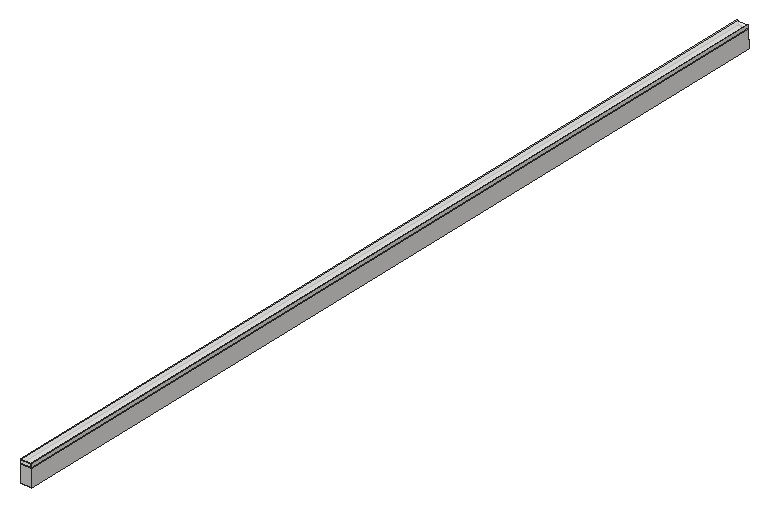
Revit family "Lighting - Luminii - Kurba Medium Horizontal - Array", category Lighting Fixtures, host Face, Revit 2020
Family settings
  Host = Face
  Round Connector Dimension = Use Diameter
  Part Type = Normal
  OmniClass Number = 23.80.70.11.14.21
  OmniClass Title = Spots and Tracklight Specialties
  Cut with Voids When Loaded = No
  Light Source = No
  Shared = Yes
  Room Calculation Point = No
Parameters (values of type "Kurba Medium Horizontal")
  Width = 0' - 0 15/32"  # constant formula
  Wattage Comments = "3.66 W/ft"
  Warranty URL = "https://www.luminii.com/terms-conditions/"
  Voltage Comments = "120-277VAC"
  Voltage = 120 V
  Version = "2020 - v1.0a"  # constant formula
  URL = "https://www.luminii.com/"
  Support Phone = "224-699-9545"  # constant formula
  Support Email = "mailto:support@bimsmith.com"
  Product Page URL = "https://www.luminii.com/product/kurba-medium-horizontal/"
  Product Name = "Kurba Medium Horizontal"  # constant formula
  Product Documentation Link = "https://www.luminii.com/wp-content/uploads/z_special_catalog_products/products/kurba-medium-horizontal/specsheets/KBM-F-H_spec.pdf"
  Power Source Type = "Driver"
  Power Factor = 1
  Phase = 1
  Operating Temperature = "-4°F-113°F"  # constant formula
  Number of Poles = if(and(or(Voltage = 120 V, Voltage = 277 V), Phase = 1), 1, if(and(or(Voltage = 208 V, Voltage = 240 V), Phase = 1), 2, if(and(or(Voltage = 208 V, Voltage = 240 V), Phase = 3), 3, if(and(Voltage > 300 V, Phase = 1), 2, if(and(Voltage > 400 V, Phase = 3), 3, 1)))))  # 1
  Number of LEDs [instance] = Length / LED Spacing  # 36
  Mounting Method = "Surface Mount"  # constant formula
  Model = "KBM-F-H"
  Manufacturer Phone Number = "224-333-6033"  # constant formula
  Manufacturer Email = "mailto:info@luminii.com"
  Manufacturer Address = "7777 N Merrimac Ave, Niles, IL 60714"  # constant formula
  Manufacturer = "Luminii"  # constant formula
  Lumen Output = "148 lm/ft"
  Load Classification = Lighting
  Lens Material = Plastic - Luminii - Frosted Lens
  Length Comments [instance] = "Perfomance based on 1\" Photometric Web File"  # constant formula
  Length [instance] = if(Desired Length < 1' 0", 1' 0", if(Desired Length > 26' 0", 26' 0", Desired Length))  # 3' - 0"
  Lamp Life = 1
  Lamp = "LED"
  LED Spacing [instance] = 0' - 1"  # constant formula
  Keynote = "26 50 00"
  Instruction Sheet Link = "https://www.luminii.com/wp-content/uploads/z_special_catalog_products/products/kurba-medium-horizontal/install-guides/Kurba_Installation%20Instructions_0.6.pdf"
  Initial Color Comments = "Perfomance based on 3500K Photometric Web File"  # constant formula
  Housing Protection Rating = "IP20 Dry/IP66 Wet Series"  # constant formula
  Has Dimming = 0 = 1  # no
  Has Battery Backup = 0 = 1  # no
  Frequency Comments = ""
  Frequency = 60 Hz
  Finish = Metal - Luminii - Silver Anodized Aluminum
  Environment = "Wet"  # constant formula
  Desired Length [instance] = 3' - 0"
  Description = "Flexible LED Strip"  # constant formula
  Depth = 0' - 0 109/128"  # constant formula
  Default Elevation = 0' - 0"  # constant formula
  Current Amps = 0 A
  Copyright = "©2023 Luminii"  # constant formula
  CCT = "3000K"
  C Length Mid [instance] = Length / 2  # 1' - 6"
  Assembly Code = "D5020230"
  Apparent Load = 3.66 VA
Reference planes (in)
  plane 1 "Center (Front/Back)": y = 0
  plane 2: z = 0
  plane 3 "Center (Left/Right)": x = 0
  plane 4: x = -0.23437
  plane 5: x = 0.23438
  plane 6: y = 18
  plane 7: y = -18
  plane 8: z = 0.85156
Forms (in)
  Extrusion 1, solid, material "Metal - Luminii - Silver Anodized Aluminum", not visible
    sketch origin (0, 0, 0) x (1, 0, 0) y (0, 1, 0)
      loop
        circle (0, 0) r 0.5
    from 0 to -0.17225
  Extrusion 2, solid, material "Metal - Luminii - Silver Anodized Aluminum" <- "Finish"
    sketch origin (0, 0, 0) x (1, 0, 0) y (0, 0, 1)
      loop
        line (0.23438, 0) -> (0.23438, 0.66411)
        arc (0.23438, 0.66411) -> (0.22302, 0.68284) -> (0.23438, 0.70156) r 0.02112
        line (0.23438, 0.70156) -> (0.23438, 0.85156) -> (0.20282, 0.85156) -> (0.20282, 0.70156) -> (-0.20273, 0.70156) -> (-0.20273, 0.85156) -> (-0.23437, 0.85156) -> (-0.23437, 0.70156)
        arc (-0.23437, 0.70156) -> (-0.22302, 0.68284) -> (-0.23437, 0.66411) r 0.02112
        line (-0.23437, 0.66411) -> (-0.23437, 0) -> (0.23438, 0)
    from -18 to 18
  Extrusion 3, solid, material "Plastic - Luminii - Frosted Lens" <- "Lens Material"
    sketch origin (0, 0, 0) x (1, 0, 0) y (0, 0, 1)
      loop
        line (-0.20273, 0.85156) -> (-0.20273, 0.70156) -> (0.20282, 0.70156) -> (0.20282, 0.85156) -> (-0.20273, 0.85156)
    from -18 to 18
Dimensions and locks (in)
  equal spacing: plane 4, plane 3 "Center (Left/Right)", plane 5
  equal spacing: plane 6, plane 1 "Center (Front/Back)", plane 7
  plane 4 to plane 5 = 0' - 0 15/32"  (x2)
  "Width": plane 5 to plane 4
  locked: plane 5 to Extrusion 2 sketch curve at 0.03155
  locked: Extrusion 2 sketch curve to plane 4 at 0.03165
  Extrusion 2 sketch curve to Extrusion 2 sketch curve to Extrusion 2 sketch curve to Extrusion 2 sketch curve to Extrusion 2 sketch curve to Extrusion 2 sketch curve to Extrusion 2 sketch curve to plane 2 = 0' - 0" locked, 0' - 0.15" locked, 0' - 0" locked, 0' - 0" locked, 0' - 0.03745" locked, 0' - 0" locked, 0' - 0.66411" locked
  locked: Extrusion 3 sketch curve to plane 4 at 0.03165
  locked: plane 5 to Extrusion 3 sketch curve at 0.03155
  Extrusion 3 sketch curve to Extrusion 3 sketch curve to plane 2 = 0' - 0.15" locked, 0' - 0.70156" locked
  "Depth": plane 8 to plane 2
  plane 6 to plane 1 "Center (Front/Back)" to plane 7 = 1' - 6", 1' - 6"
  "C Length Mid": plane 1 "Center (Front/Back)" to plane 6
  "C Length Mid": plane 7 to plane 1 "Center (Front/Back)"
  equal spacing: group 1, group 3, group 4, group 5, group 6, group 7, group 8, group 9, group 10, group 11, group 12, group 13, group 14, group 15, group 16, group 17, group 18, group 19, group 20, group 21, group 22, group 23, group 24, group 25, group 26, group 27, group 28, group 29, group 30, group 31, group 32, group 33, group 34, group 35, group 36, group 2  (x3)
  aligned and locked: plane 2 to host face
  aligned and locked: level to host face
  aligned and locked: plane 5 to Extrusion 2 sketch curve
  aligned and locked: Extrusion 2 sketch curve to plane 4
  aligned and locked: Extrusion 2 to plane 5
  aligned and locked: Extrusion 2 to plane 4
  aligned and locked: plane 6 to Extrusion 3
  aligned and locked: Extrusion 3 to plane 7
  aligned and locked: plane 6 to Extrusion 2
  aligned and locked: Extrusion 2 to plane 7
  aligned and locked: plane 3 "Center (Left/Right)" to Extrusion 1 sketch curve
  aligned and locked: plane 1 "Center (Front/Back)" to Extrusion 1 sketch curve
  aligned and locked: level to Extrusion 2 sketch curve
  aligned and locked: plane 2 to Extrusion 1
  aligned and locked: nested 1 to plane 7
  aligned and locked: nested 1 to plane 3 "Center (Left/Right)"
  aligned and locked: nested 2 to plane 3 "Center (Left/Right)"
  aligned and locked: nested 2 to plane 6
Automatic sketch dimensions
  host sketch curve to host sketch curve = 8' - 0"  (x2)
  Extrusion 2 sketch curve to plane 4 = 0' - 0"
  Extrusion 2 sketch curve to plane 5 = 0' - 0"
  Extrusion 2 sketch curve to plane 4 = 0' - 0.00977"
  plane 5 to Extrusion 2 sketch curve = 0' - 0.00977"
  radius of Extrusion 1 sketch curve = 0' - 0 1/2"
Nested families (in)
  nested 1: "Lighting - Luminii - Kurba Medium Horizontal- Nested Light Source" at (0, -17.5, -0.01389) x (-1, 0, 0) z (0, 0, 1), type "Kurba Medium Horizontal"
    with Length Comments "Perfomance based on 1\" Photometric Web File", Length 0' - 1", C Length 0' - 1"
  nested 2: "Lighting - Luminii - Kurba Medium Horizontal- Nested Light Source" at (0, 17.5, -0.00817) x (-1, 0, 0) z (0, 0, 1), type "Kurba Medium Horizontal"
    with Length Comments "Perfomance based on 1\" Photometric Web File", Length 0' - 1", C Length 0' - 1"
  nested 3: "Lighting - Luminii - Kurba Medium Horizontal- Nested Light Source" at (0, -16.5, -0.01373) x (-1, 0, 0) z (0, 0, 1), type "Kurba Medium Horizontal"
    with Length Comments "Perfomance based on 1\" Photometric Web File", Length 0' - 1", C Length 0' - 1"
  nested 4: "Lighting - Luminii - Kurba Medium Horizontal- Nested Light Source" at (0, -15.5, -0.01357) x (-1, 0, 0) z (0, 0, 1), type "Kurba Medium Horizontal"
    with Length Comments "Perfomance based on 1\" Photometric Web File", Length 0' - 1", C Length 0' - 1"
  nested 5: "Lighting - Luminii - Kurba Medium Horizontal- Nested Light Source" at (0, -14.5, -0.0134) x (-1, 0, 0) z (0, 0, 1), type "Kurba Medium Horizontal"
    with Length Comments "Perfomance based on 1\" Photometric Web File", Length 0' - 1", C Length 0' - 1"
  nested 6: "Lighting - Luminii - Kurba Medium Horizontal- Nested Light Source" at (0, -13.5, -0.01324) x (-1, 0, 0) z (0, 0, 1), type "Kurba Medium Horizontal"
    with Length Comments "Perfomance based on 1\" Photometric Web File", Length 0' - 1", C Length 0' - 1"
  nested 7: "Lighting - Luminii - Kurba Medium Horizontal- Nested Light Source" at (0, -12.5, -0.01308) x (-1, 0, 0) z (0, 0, 1), type "Kurba Medium Horizontal"
    with Length Comments "Perfomance based on 1\" Photometric Web File", Length 0' - 1", C Length 0' - 1"
  nested 8: "Lighting - Luminii - Kurba Medium Horizontal- Nested Light Source" at (0, -11.5, -0.01291) x (-1, 0, 0) z (0, 0, 1), type "Kurba Medium Horizontal"
    with Length Comments "Perfomance based on 1\" Photometric Web File", Length 0' - 1", C Length 0' - 1"
  nested 9: "Lighting - Luminii - Kurba Medium Horizontal- Nested Light Source" at (0, -10.5, -0.01275) x (-1, 0, 0) z (0, 0, 1), type "Kurba Medium Horizontal"
    with Length Comments "Perfomance based on 1\" Photometric Web File", Length 0' - 1", C Length 0' - 1"
  nested 10: "Lighting - Luminii - Kurba Medium Horizontal- Nested Light Source" at (0, -9.5, -0.01258) x (-1, 0, 0) z (0, 0, 1), type "Kurba Medium Horizontal"
    with Length Comments "Perfomance based on 1\" Photometric Web File", Length 0' - 1", C Length 0' - 1"
  nested 11: "Lighting - Luminii - Kurba Medium Horizontal- Nested Light Source" at (0, -8.5, -0.01242) x (-1, 0, 0) z (0, 0, 1), type "Kurba Medium Horizontal"
    with Length Comments "Perfomance based on 1\" Photometric Web File", Length 0' - 1", C Length 0' - 1"
  nested 12: "Lighting - Luminii - Kurba Medium Horizontal- Nested Light Source" at (0, -7.5, -0.01226) x (-1, 0, 0) z (0, 0, 1), type "Kurba Medium Horizontal"
    with Length Comments "Perfomance based on 1\" Photometric Web File", Length 0' - 1", C Length 0' - 1"
  nested 13: "Lighting - Luminii - Kurba Medium Horizontal- Nested Light Source" at (0, -6.5, -0.01209) x (-1, 0, 0) z (0, 0, 1), type "Kurba Medium Horizontal"
    with Length Comments "Perfomance based on 1\" Photometric Web File", Length 0' - 1", C Length 0' - 1"
  nested 14: "Lighting - Luminii - Kurba Medium Horizontal- Nested Light Source" at (0, -5.5, -0.01193) x (-1, 0, 0) z (0, 0, 1), type "Kurba Medium Horizontal"
    with Length Comments "Perfomance based on 1\" Photometric Web File", Length 0' - 1", C Length 0' - 1"
  nested 15: "Lighting - Luminii - Kurba Medium Horizontal- Nested Light Source" at (0, -4.5, -0.01177) x (-1, 0, 0) z (0, 0, 1), type "Kurba Medium Horizontal"
    with Length Comments "Perfomance based on 1\" Photometric Web File", Length 0' - 1", C Length 0' - 1"
  nested 16: "Lighting - Luminii - Kurba Medium Horizontal- Nested Light Source" at (0, -3.5, -0.0116) x (-1, 0, 0) z (0, 0, 1), type "Kurba Medium Horizontal"
    with Length Comments "Perfomance based on 1\" Photometric Web File", Length 0' - 1", C Length 0' - 1"
  nested 17: "Lighting - Luminii - Kurba Medium Horizontal- Nested Light Source" at (0, -2.5, -0.01144) x (-1, 0, 0) z (0, 0, 1), type "Kurba Medium Horizontal"
    with Length Comments "Perfomance based on 1\" Photometric Web File", Length 0' - 1", C Length 0' - 1"
  nested 18: "Lighting - Luminii - Kurba Medium Horizontal- Nested Light Source" at (0, -1.5, -0.01128) x (-1, 0, 0) z (0, 0, 1), type "Kurba Medium Horizontal"
    with Length Comments "Perfomance based on 1\" Photometric Web File", Length 0' - 1", C Length 0' - 1"
  nested 19: "Lighting - Luminii - Kurba Medium Horizontal- Nested Light Source" at (0, -0.5, -0.01111) x (-1, 0, 0) z (0, 0, 1), type "Kurba Medium Horizontal"
    with Length Comments "Perfomance based on 1\" Photometric Web File", Length 0' - 1", C Length 0' - 1"
  nested 20: "Lighting - Luminii - Kurba Medium Horizontal- Nested Light Source" at (0, 0.5, -0.01095) x (-1, 0, 0) z (0, 0, 1), type "Kurba Medium Horizontal"
    with Length Comments "Perfomance based on 1\" Photometric Web File", Length 0' - 1", C Length 0' - 1"
  nested 21: "Lighting - Luminii - Kurba Medium Horizontal- Nested Light Source" at (0, 1.5, -0.01079) x (-1, 0, 0) z (0, 0, 1), type "Kurba Medium Horizontal"
    with Length Comments "Perfomance based on 1\" Photometric Web File", Length 0' - 1", C Length 0' - 1"
  nested 22: "Lighting - Luminii - Kurba Medium Horizontal- Nested Light Source" at (0, 2.5, -0.01062) x (-1, 0, 0) z (0, 0, 1), type "Kurba Medium Horizontal"
    with Length Comments "Perfomance based on 1\" Photometric Web File", Length 0' - 1", C Length 0' - 1"
  nested 23: "Lighting - Luminii - Kurba Medium Horizontal- Nested Light Source" at (0, 3.5, -0.01046) x (-1, 0, 0) z (0, 0, 1), type "Kurba Medium Horizontal"
    with Length Comments "Perfomance based on 1\" Photometric Web File", Length 0' - 1", C Length 0' - 1"
  nested 24: "Lighting - Luminii - Kurba Medium Horizontal- Nested Light Source" at (0, 4.5, -0.0103) x (-1, 0, 0) z (0, 0, 1), type "Kurba Medium Horizontal"
    with Length Comments "Perfomance based on 1\" Photometric Web File", Length 0' - 1", C Length 0' - 1"
  nested 25: "Lighting - Luminii - Kurba Medium Horizontal- Nested Light Source" at (0, 5.5, -0.01013) x (-1, 0, 0) z (0, 0, 1), type "Kurba Medium Horizontal"
    with Length Comments "Perfomance based on 1\" Photometric Web File", Length 0' - 1", C Length 0' - 1"
  nested 26: "Lighting - Luminii - Kurba Medium Horizontal- Nested Light Source" at (0, 6.5, -0.00997) x (-1, 0, 0) z (0, 0, 1), type "Kurba Medium Horizontal"
    with Length Comments "Perfomance based on 1\" Photometric Web File", Length 0' - 1", C Length 0' - 1"
  nested 27: "Lighting - Luminii - Kurba Medium Horizontal- Nested Light Source" at (0, 7.5, -0.00981) x (-1, 0, 0) z (0, 0, 1), type "Kurba Medium Horizontal"
    with Length Comments "Perfomance based on 1\" Photometric Web File", Length 0' - 1", C Length 0' - 1"
  nested 28: "Lighting - Luminii - Kurba Medium Horizontal- Nested Light Source" at (0, 8.5, -0.00964) x (-1, 0, 0) z (0, 0, 1), type "Kurba Medium Horizontal"
    with Length Comments "Perfomance based on 1\" Photometric Web File", Length 0' - 1", C Length 0' - 1"
  nested 29: "Lighting - Luminii - Kurba Medium Horizontal- Nested Light Source" at (0, 9.5, -0.00948) x (-1, 0, 0) z (0, 0, 1), type "Kurba Medium Horizontal"
    with Length Comments "Perfomance based on 1\" Photometric Web File", Length 0' - 1", C Length 0' - 1"
  nested 30: "Lighting - Luminii - Kurba Medium Horizontal- Nested Light Source" at (0, 10.5, -0.00931) x (-1, 0, 0) z (0, 0, 1), type "Kurba Medium Horizontal"
    with Length Comments "Perfomance based on 1\" Photometric Web File", Length 0' - 1", C Length 0' - 1"
  nested 31: "Lighting - Luminii - Kurba Medium Horizontal- Nested Light Source" at (0, 11.5, -0.00915) x (-1, 0, 0) z (0, 0, 1), type "Kurba Medium Horizontal"
    with Length Comments "Perfomance based on 1\" Photometric Web File", Length 0' - 1", C Length 0' - 1"
  nested 32: "Lighting - Luminii - Kurba Medium Horizontal- Nested Light Source" at (0, 12.5, -0.00899) x (-1, 0, 0) z (0, 0, 1), type "Kurba Medium Horizontal"
    with Length Comments "Perfomance based on 1\" Photometric Web File", Length 0' - 1", C Length 0' - 1"
  nested 33: "Lighting - Luminii - Kurba Medium Horizontal- Nested Light Source" at (0, 13.5, -0.00882) x (-1, 0, 0) z (0, 0, 1), type "Kurba Medium Horizontal"
    with Length Comments "Perfomance based on 1\" Photometric Web File", Length 0' - 1", C Length 0' - 1"
  nested 34: "Lighting - Luminii - Kurba Medium Horizontal- Nested Light Source" at (0, 14.5, -0.00866) x (-1, 0, 0) z (0, 0, 1), type "Kurba Medium Horizontal"
    with Length Comments "Perfomance based on 1\" Photometric Web File", Length 0' - 1", C Length 0' - 1"
  nested 35: "Lighting - Luminii - Kurba Medium Horizontal- Nested Light Source" at (0, 15.5, -0.0085) x (-1, 0, 0) z (0, 0, 1), type "Kurba Medium Horizontal"
    with Length Comments "Perfomance based on 1\" Photometric Web File", Length 0' - 1", C Length 0' - 1"
  nested 36: "Lighting - Luminii - Kurba Medium Horizontal- Nested Light Source" at (0, 16.5, -0.00833) x (-1, 0, 0) z (0, 0, 1), type "Kurba Medium Horizontal"
    with Length Comments "Perfomance based on 1\" Photometric Web File", Length 0' - 1", C Length 0' - 1"
Connectors (in)
  electrical at (0, 0, 0), driven by "Number of Poles", driven by "Load Classification", driven by "Voltage", driven by "Apparent Load", driven by "Power Factor"
    settings: on Extrusion 1, index 1, voltage 120 V, apparent load 3.66 VA, apparent load phase1 0 VA, apparent load phase2 0 VA, apparent load phase3 0 VA, power factor 1, load classification "Lighting", number of poles 1, system type 30, power factor state 1, is connector primary yes, connector utility no, sub classification motor no, connector description "Power Connection"
Definition of nested family "Lighting - Luminii - Kurba Medium Horizontal- Nested Light Source"
  Parameters (values of type "Kurba Medium Horizontal")
    Width = 0' - 0 15/32"  # constant formula
    Wattage Comments = "3.66 W/ft"
    Wattage = 3.66 W
    Warranty URL = "https://www.luminii.com/terms-conditions/"
    built-in parameter 1150110 = 1 (stored number, unit not read)
    Voltage Comments = "120-277VAC"
    Voltage = 120 V
    Version = "2020 - v1.0a"  # constant formula
    URL = "https://www.luminii.com/"
    built-in parameter 1114217 = 1 (stored number, unit not read)
    Tilt Angle = -90.00°
    built-in parameter 1150109 = 1 (stored number, unit not read)
    built-in parameter 1150134 = (empty or 0)
    built-in parameter 1150113 = 1 (stored number, unit not read)
    Support Phone = "224-699-9545"  # constant formula
    Support Email = "mailto:support@bimsmith.com"
    Product Page URL = "https://www.luminii.com/product/kurba-medium-horizontal/"
    Product Name = "Kurba Medium Horizontal"  # constant formula
    Product Documentation Link = "https://www.luminii.com/wp-content/uploads/z_special_catalog_products/products/kurba-medium-horizontal/specsheets/KBM-F-H_spec.pdf"
    Power Source Type = "Driver"
    Power Factor = 1
    Photometric Web File = "KBM-F-H-30K-24V.IES"
    Phase = 1
    Operating Temperature = "-4°F-113°F"  # constant formula
    Number of Poles = if(and(or(Voltage = 120 V, Voltage = 277 V), Phase = 1), 1, if(and(or(Voltage = 208 V, Voltage = 240 V), Phase = 1), 2, if(and(or(Voltage = 208 V, Voltage = 240 V), Phase = 3), 3, if(and(Voltage > 300 V, Phase = 1), 2, if(and(Voltage > 400 V, Phase = 3), 3, 1)))))  # 1
    Mounting Method = "Surface Mount"  # constant formula
    Model = "KBM-F-H"
    Manufacturer Phone Number = "224-333-6033"  # constant formula
    Manufacturer Email = "mailto:info@luminii.com"
    Manufacturer Address = "7777 N Merrimac Ave, Niles, IL 60714"  # constant formula
    Manufacturer = "Luminii"  # constant formula
    built-in parameter 1150105 = 11.778 (stored number, unit not read)
    Lumens = 148.01 lm
    built-in parameter 1150115 = 1 (stored number, unit not read)
    Lumen Output = "148 lm/ft"
    Load Classification = none
    built-in parameter 1150137 = (empty or 0)
    built-in parameter 1150139 = (empty or 0)
    Lens Material = none
    Length Comments [instance] = "Perfomance based on 1\" Photometric Web File"  # constant formula
    Length [instance] = 0' - 1"
    built-in parameter 1150112 = 1 (stored number, unit not read)
    built-in parameter 1150114 = 1 (stored number, unit not read)
    Lamp Life = 1
    Lamp = "LED"
    Keynote = "26 50 00"
    Instruction Sheet Link = "https://www.luminii.com/wp-content/uploads/z_special_catalog_products/products/kurba-medium-horizontal/install-guides/Kurba_Installation%20Instructions_0.6.pdf"
    built-in parameter 1150132 = (empty or 0)
    built-in parameter 1150102 = (empty or 0)
    built-in parameter 1150107 = 3000 (stored number, unit not read)
    Initial Color Comments = "Perfomance based on 3500K Photometric Web File"  # constant formula
    built-in parameter 1150138 = (empty or 0)
    built-in parameter 1150106 = 0.11778 (stored number, unit not read)
    Housing Protection Rating = "IP20 Dry/IP66 Wet Series"  # constant formula
    Has Dimming = 0 = 1  # no
    Has Battery Backup = 0 = 1  # no
    Frequency Comments = ""
    Frequency = 60 Hz
    Finish = none
    Environment = "Wet"  # constant formula
    Emit from Rectangle Width = Width  # 0' - 0 15/32"
    Emit from Rectangle Length = 0' - 1"
    Emit Shape Visible in Rendering = yes
    built-in parameter 1150104 = 3.757 (stored number, unit not read)
    Dimming Lamp Color Temperature Shift = (empty or 0)
    Description = "Flexible LED Strip"  # constant formula
    Depth = 0' - 0 109/128"  # constant formula
    Default Elevation = 0' - 0"  # constant formula
    Current Amps = 0 A
    Copyright = "©2023 Luminii"  # constant formula
    Color Filter = 16777215
    CCT = "3000K"
    C Length [instance] = if(Length < 0' 1", 0' 1", if(Length > 26' 0", 26' 0", Length))  # 0' - 1"
    built-in parameter 1114218 = 1 (stored number, unit not read)
    built-in parameter 1150133 = 10 (stored number, unit not read)
    Assembly Code = "D5020230"
    Apparent Load = Wattage / Power Factor  # 3.66 VA
  Reference planes (in)
    plane 1 "Center (Front/Back)": y = 0
    plane 2: z = 0
    plane 3 "Center (Left/Right)": x = 0
    plane 4: x = -0.23437
    plane 5: x = 0.23438
    plane 6: y = 0.5
    plane 7: y = -0.5
    plane 8: y = 0.79998
    plane 9: y = 0.54998
    plane 10: y = -0.71724
    plane 11: y = -0.54999
    plane 12: z = 0.85156
  Forms (in)
    Extrusion 1, solid
      sketch origin (0, 0, 0) x (1, 0, 0) y (0, 1, 0)
        loop
          line (-48, 48) -> (-48, -48) -> (48, -48) -> (48, 48) -> (-48, 48)
      from 0 to -12
    Extrusion 2, solid, not visible
      sketch origin (0, 0, 0) x (1, 0, 0) y (0, 1, 0)
        loop
          circle (0, 0) r 0.5
      from 0 to -0.17225
  Dimensions and locks (in)
    equal spacing: plane 4, plane 3 "Center (Left/Right)", plane 5
    equal spacing: plane 6, plane 1 "Center (Front/Back)", plane 7
    plane 4 to plane 5 = 0' - 0 15/32"  (x2)
    "Width": plane 5 to plane 4
    "C Length": plane 6 to plane 7
    plane 7 to plane 11 to plane 10 = 0' - 0.04999" locked, 0' - 0.16725" locked
    plane 6 to plane 9 to plane 8 = 0' - 0.04998" locked, 0' - 0 1/4" locked
    "Depth": plane 12 to plane 2
    aligned and locked: plane 2 to Extrusion 1
    aligned and locked: level to Extrusion 1
    aligned and locked: imposter light to plane 1 "Center (Front/Back)"
    aligned and locked: plane 3 "Center (Left/Right)" to Extrusion 2 sketch curve
    aligned and locked: plane 1 "Center (Front/Back)" to Extrusion 2 sketch curve
    aligned and locked: plane 2 to Extrusion 2
    aligned and locked: imposter light to plane 12
    aligned and locked: plane 3 "Center (Left/Right)" to imposter light
  Automatic sketch dimensions
    Extrusion 1 sketch curve to Extrusion 1 sketch curve = 8' - 0"  (x2)
    radius of Extrusion 2 sketch curve = 0' - 0 1/2"
  Connectors (in)
    electrical at (0, 0, 0), driven by "Number of Poles", driven by "Load Classification", driven by "Voltage", driven by "Apparent Load", driven by "Power Factor"
      settings: on Extrusion 2, index 1, voltage 120 V, apparent load 3.66 VA, apparent load phase1 0 VA, apparent load phase2 0 VA, apparent load phase3 0 VA, power factor 1, load classification none, number of poles 1, system type 30, power factor state 1, is connector primary yes, connector utility no, sub classification motor no, connector description "Power Connection"
